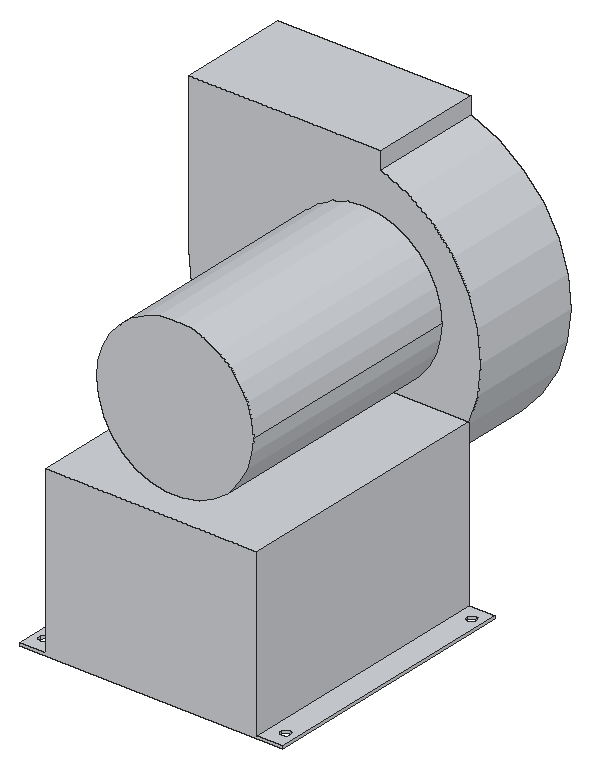
Revit family "CPFD_CW_UBD", category Mechanical Equipment, Revit 2019
Family settings
  Round Connector Dimension = Use Radius
  Part Type = Normal
  Work Plane-Based = No
  Always vertical = Yes
  Cut with Voids When Loaded = No
  Shared = No
  Room Calculation Point = No
Parameters (values of type "10_CPFD_CW_UBD")
  Unit Weight [instance] = ""
  T_SQ/2 = T_SQ / 2  # 1' - 4"
  T_SQ = 2' - 8"
  Sones [instance] = ""
  SPACE = 0' - 1 1/2"
  Q = 0' - 1 1/16"
  P/6 = P / 6  # 0' - 1 1/2"
  P/2 = P / 2  # 0' - 4 1/2"
  P = 0' - 9"
  N/2 = N / 2  # 0' - 0 9/32"
  N = 0' - 0 9/16"
  Motor RPM [instance] = ""
  Motor Enclosure [instance] = ""
  ModelID [instance] = ""
  M = 0' - 4 5/8"
  LwA [instance] = ""
  L = 0' - 9 7/8"
  K = 0' - 1"
  J = 1' - 1 3/4"
  H/2 = H / 2  # 0' - 7 1/8"
  H-1.5" = H - 0' 1 1/2"  # 1' - 0 3/4"
  H = 1' - 2 1/4"
  G-1" = G - 0' 1"  # 0' - 7"
  G = 0' - 8"
  Fan RPM [instance] = ""
  F+1.25" = -(F + 0' 1 1/4")  # -0' - 7 5/8"
  F+.25" = -(F + 0' 0 1/4")  # -0' - 6 5/8"
  F = 0' - 6 3/8"
  E+.25" = E + 0' 0 1/4"  # 0' - 11 5/8"
  E = 0' - 11 3/8"
  D = 1' - 2 3/8"
  C/2 = C / 2  # 0' - 11 3/16"
  C = 1' - 10 3/8"
  B/2 = B / 2  # 0' - 11 1/8"
  B-F-2" = B - F - 0' 2"  # 1' - 1 7/8"
  B-F-.25" = B - F - 0' 0 1/4"  # 1' - 3 5/8"
  B = 1' - 10 1/4"
  Accessories [instance] = ""
  A/2 = A / 2  # 0' - 7 3/4"
  A = 1' - 3 1/2"
  3" = 0' - 3"  # constant formula
  Brake Hp [instance] = ""
  4" = 0' - 4"  # constant formula
  2' = 2' - 0"
  2" = 0' - 2"  # constant formula
  1" = 0' - 1"  # constant formula
  0 = 0' - 0"  # constant formula
  Voltage [instance] = 0 V
  URL = "www.lorencook.com"
  Type Comments = "Forward Curved Centrifugal Blower Direct Drive Clockwise Up Blast Arrangement 4"  # constant formula
  Static Pressure [instance] = 0.00 in-wg
  Power [instance] = Voltage * Motor FLA * sqrt(if(Phase = 3, 3, 1))  # 0 VA
  Phase [instance] = 0
  Number of Poles [instance] = 1
  Motor Hp [instance] = "0"
  Motor FLA [instance] = 0 A
  Model = "CPFD_CW_UBD"  # constant formula
  Manufacturer = "Loren Cook Company"
  CFM [instance] = 0 CFM
  1.5 = 0' - 1 1/2"  # constant formula
  ONE EIGTH = 0' - 0 1/8"  # constant formula
  (P/2)-.125" = (P / 2) - 0' 0 1/8"  # 0' - 4 3/8"
Types (6): name | SPACE | Q | P/6 | P/2 | P | N/2 | N | M | L | J | H/2 | H-1.5" | H | G-1" | G | F+1.25" | F+.25" | F | E+.25" | E | D | C/2 | C | B/2 | B-F-2" | B-F-.25" | B | A/2 | A | (P/2)-.125"
  (no name) | 0' - 1 1/2" | 0' - 1 1/16" | 0' - 1 1/2" | 0' - 4 1/2" | 0' - 9" | 0' - 0 9/32" | 0' - 0 9/16" | 0' - 4 5/8" | 0' - 9 7/8" | 1' - 1 3/4" | 0' - 7 1/8" | 1' - 0 3/4" | 1' - 2 1/4" | 0' - 7" | 0' - 8" | -0' - 7 5/8" | -0' - 6 5/8" | 0' - 6 3/8" | 0' - 11 5/8" | 0' - 11 3/8" | 1' - 2 3/8" | 0' - 11 3/16" | 1' - 10 3/8" | 0' - 11 1/8" | 1' - 1 7/8" | 1' - 3 5/8" | 1' - 10 1/4" | 0' - 7 3/4" | 1' - 3 1/2" | 0' - 4 3/8"
  6_CPFD_CW_UBD | 0' - 1 1/2" | 0' - 0 1/2" | 0' - 1.16667" | 0' - 3 1/2" | 0' - 7" | 0' - 0 7/32" | 0' - 0 7/16" | 0' - 3 5/8" | 0' - 4 5/8" | 0' - 10 3/4" | 0' - 6 1/4" | 0' - 11" | 1' - 0 1/2" | 0' - 4 3/4" | 0' - 5 3/4" | -0' - 5 7/8" | -0' - 4 7/8" | 0' - 4 5/8" | 0' - 8 1/8" | 0' - 7 7/8" | 0' - 8 1/8" | 0' - 6 15/16" | 1' - 1 7/8" | 0' - 9 1/4" | 0' - 11 7/8" | 1' - 1 5/8" | 1' - 6 1/2" | 0' - 6 3/4" | 1' - 1 1/2" | 0' - 3 3/8"
  7_CPFD_CW_UBD | 0' - 1 1/2" | 0' - 0 5/8" | 0' - 1.16667" | 0' - 3 1/2" | 0' - 7" | 0' - 0 7/32" | 0' - 0 7/16" | 0' - 3 5/8" | 0' - 7 1/8" | 1' - 0 1/4" | 0' - 6 1/4" | 0' - 11" | 1' - 0 1/2" | 0' - 5 1/8" | 0' - 6 1/8" | -0' - 6 5/8" | -0' - 5 5/8" | 0' - 5 3/8" | 0' - 8 5/8" | 0' - 8 3/8" | 0' - 10 1/8" | 0' - 8 3/8" | 1' - 4 3/4" | 0' - 10 1/8" | 1' - 0 7/8" | 1' - 2 5/8" | 1' - 8 1/4" | 0' - 6 3/4" | 1' - 1 1/2" | 0' - 3 3/8"
  9_CPFD_CW_UBD | 0' - 2" | 0' - 0 3/4" | 0' - 1 1/2" | 0' - 4 1/2" | 0' - 9" | 0' - 0 9/32" | 0' - 0 9/16" | 0' - 4 5/8" | 0' - 7 5/8" | 1' - 1 3/4" | 0' - 6 3/8" | 0' - 11 1/4" | 1' - 0 3/4" | 0' - 6" | 0' - 7" | -0' - 7 1/8" | -0' - 6 1/8" | 0' - 5 7/8" | 0' - 10 1/8" | 0' - 9 7/8" | 0' - 11 1/8" | 0' - 9 1/16" | 1' - 6 1/8" | 0' - 10 7/8" | 1' - 1 7/8" | 1' - 3 5/8" | 1' - 9 3/4" | 0' - 7" | 1' - 2" | 0' - 4 3/8"
  10_CPFD_CW_UBD | 0' - 1 1/2" | 0' - 1 1/16" | 0' - 1 1/2" | 0' - 4 1/2" | 0' - 9" | 0' - 0 9/32" | 0' - 0 9/16" | 0' - 4 5/8" | 0' - 9 7/8" | 1' - 1 3/4" | 0' - 7 1/8" | 1' - 0 3/4" | 1' - 2 1/4" | 0' - 7" | 0' - 8" | -0' - 7 5/8" | -0' - 6 5/8" | 0' - 6 3/8" | 0' - 11 5/8" | 0' - 11 3/8" | 1' - 2 3/8" | 0' - 11 3/16" | 1' - 10 3/8" | 0' - 11 1/8" | 1' - 1 7/8" | 1' - 3 5/8" | 1' - 10 1/4" | 0' - 7 3/4" | 1' - 3 1/2" | 0' - 4 3/8"
  12_CPFD_CW_UBD | 0' - 2 1/2" | 0' - 1" | 0' - 2.08333" | 0' - 6 1/4" | 1' - 0 1/2" | 0' - 0 9/32" | 0' - 0 9/16" | 0' - 4 5/8" | 0' - 9 7/8" | 1' - 2 1/4" | 0' - 7 7/8" | 1' - 2 1/4" | 1' - 3 3/4" | 0' - 8" | 0' - 9" | -0' - 7 1/8" | -0' - 6 1/8" | 0' - 5 7/8" | 1' - 1 5/8" | 1' - 1 3/8" | 1' - 2 3/8" | 0' - 11 3/16" | 1' - 10 3/8" | 0' - 11 3/8" | 1' - 2 7/8" | 1' - 4 5/8" | 1' - 10 3/4" | 0' - 8 1/2" | 1' - 5" | 0' - 6 1/8"
Reference planes (in)
  plane 1 "Center (Front/Back)": y = 0
  plane 2: z = 0
  plane 3 "Center (Left/Right)": x = 0.40541
Forms (in)
  Extrusion 1, solid
    sketch origin (0, 0, 0) x (1, 0, 0) y (0, 0, 1)
      loop
        line (-7.34459, 0) -> (8.15541, 0) -> (8.15541, 0.125) -> (6.65541, 0.125) -> (6.65541, 9.875) -> (-5.84459, 9.875) -> (-5.84459, 0.125) -> (-7.34459, 0.125) -> (-7.34459, 0)
    from 0 to 15.625 <- "B-F-.25""
  Extrusion 2, solid
    sketch origin (0, 0, 0) x (1, 0, 0) y (0, 0, 1)
      loop
        circle (0.40541, 14.5) r 4.625
    from 0 to 13.875 <- "B-F-2""
  Extrusion 3, solid
    sketch origin (0, 0, 0) x (1, 0, 0) y (0, 0, 1)
      loop
        circle (0.40541, 14.375) r 4.5
      loop
        circle (0.40541, 14.375) r 4.375
    from -7.625 <- "F+1.25"" to -6.625 <- "F+.25""
  Extrusion 4, void
    sketch origin (0, 0, 0) x (1, 0, 0) y (0, 1, 0)
      loop
        circle (-6.71959, -14.625) r 0.28125
      loop
        circle (-6.71959, -0.875) r 0.28125
      loop
        circle (7.53041, -14.625) r 0.28125
      loop
        circle (7.53041, -0.875) r 0.28125
    from 0 to 0.125
  Extrusion 5, solid
    sketch origin (0, 0, 0) x (1, 0, 0) y (0, 0, 1)
      loop
        line (1.46791, 22.375) -> (-9.90709, 22.375) -> (-9.90709, 13.20015)
        arc (-9.90709, 13.20015) -> (3.75139, 6.19625) -> (1.46791, 21.375) r 8.625
        line (1.46791, 21.375) -> (1.46791, 22.375)
    from 0 to -6.625 <- "F+.25""
  Revolve 6, void
    sketch origin (0.40541, 0, 0) x (0, 1, 0) y (0, 0, 1)
      loop
        arc (6.625, 18.75) -> (6.18566, 17.68934) -> (5.125, 17.25) r 1.5
        line (5.125, 17.25) -> (5.125, 14.375) -> (6.625, 14.375) -> (6.625, 18.75)
      axis (5.125, 14.375) -> (6.625, 14.375)
    angle from 0 to 360
Cuts and joins
  Extrusion 4 cuts Extrusion 1
  Revolve 6 cuts Extrusion 3
  Revolve 6 cuts Extrusion 5
Dimensions and locks (in)
  "A/2": plane 3 "Center (Left/Right)" to Extrusion 1 sketch curve
  "A/2": Extrusion 1 sketch curve to plane 3 "Center (Left/Right)"
  "1.5": Extrusion 1 sketch curve to Extrusion 1 sketch curve  (x2)
  "L": Extrusion 1 sketch curve to level
  "ONE EIGTH": Extrusion 1 sketch curve to Extrusion 1 sketch curve  (x2)
  "0": Extrusion 2 sketch curve to Extrusion 1
  "0": Extrusion 2 sketch curve to plane 3 "Center (Left/Right)"
  "M": Extrusion 2 sketch curve to Extrusion 1
  "0": Extrusion 3 sketch curve to plane 3 "Center (Left/Right)"  (x2)
  "K": Extrusion 1 to Extrusion 4 sketch curve  (x2)
  "J": Extrusion 4 sketch curve to Extrusion 4 sketch curve  (x2)
  "H/2": Extrusion 4 sketch curve to plane 3 "Center (Left/Right)"  (x4)
  locked: Extrusion 3 sketch curve to Extrusion 3 sketch curve
  "D": Extrusion 3 sketch curve to level
  "D": Revolve 6 sketch curve to level
  "0": Revolve 6 sketch curve to Revolve 6 sketch curve
  "P/6": Extrusion 5 to Revolve 6 sketch curve
  "(P/2)-.125"": Revolve 6 sketch curve to Revolve 6 sketch curve
  "E": Extrusion 5 sketch curve to Extrusion 5 sketch curve
  "1"": Extrusion 5 sketch curve to Extrusion 5 sketch curve
  "C": level to Extrusion 5 sketch curve
  "Q": Extrusion 5 sketch curve to plane 3 "Center (Left/Right)"
  "P/2": radius of Extrusion 3 sketch curve
  "(P/2)-.125"": radius of Extrusion 3 sketch curve
  "N/2": radius of Extrusion 4 sketch curve  (x4)
  "P/6": radius of Revolve 6 sketch curve
Automatic sketch dimensions
  Extrusion 1 sketch curve to level = 0' - 0"
  Revolve 6 sketch curve to Revolve 6 sketch curve = 0' - 0"
  Revolve 6 sketch curve to Revolve 6 sketch curve = 0' - 2 3/4"
  Extrusion 5 sketch curve to plane 3 "Center (Left/Right)" = 0' - 1 11/16"
Connectors (in)
  electrical at (0.40541, -13.875, 14.5)
    settings: on Extrusion 2, index 1, voltage 0 V, apparent load 0 VA, apparent load phase1 0 VA, apparent load phase2 0 VA, apparent load phase3 0 VA, power factor 1, load classification "Other", number of poles 1, system type 30, power factor state 1, is connector primary yes, connector utility no, sub classification motor no, connector description ""
  hvac at (0.40541, 7.625, 14.375), driven by "P/2"
    settings: on Extrusion 3, index 4, duct flow 0 CFM, flow factor 0, pres drop 0.00 in-wg, loss coef 0, conn angle 0.00°, conn width 12", conn height 12", conn diameter 9", duct sys type 29, conn prof type 0, flow config 0, flow direction 1, loss method 0, conn ref index -1, conn util no, is conn primary yes, conn desc ""
